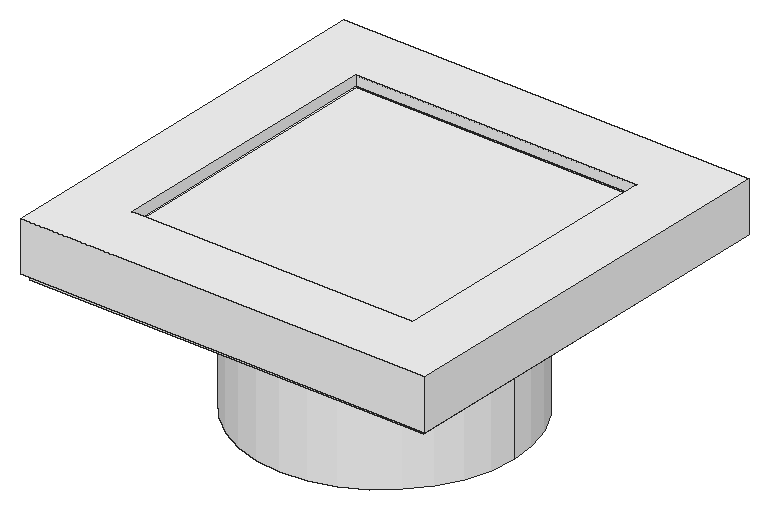
Revit family "Gira_0296005", category Electrical Fixtures, host Face, Revit 2017
Family settings
  Host = Face
  Maintain Annotation Orientation = Yes
  Round Connector Dimension = Use Diameter
  Part Type = Normal
  Cut with Voids When Loaded = No
  Shared = No
  Room Calculation Point = No
Parameters (values of type "Wippe System 55 Schwarz m")
  White [instance] = White
  Werkstoffgüte = "Thermoplast"
  Werkstoff = "Kunststoff"
  Verwendung = "Schalter/Taster"
  URL = "http://katalog.gira.de/de_DE/datenblatt.html?artikelnr=0296005"
  Region = "DE"
  Oberfläche = "sonstige"
  Name = "Wippe System 55 Schwarz m"
  Model = "Sys55_Komplettgerät_Schalten und Tasten"
  Mit austauschbarer Linse/Symbol = "No"
  Mit Beschriftungsfeld = "No"
  Manufacturer URL = "https://www.gira.de/"
  Kontrollfenster/Lichtauslass = "No"
  HeinzeBIM = "https://bimportal.heinze.de/bim/wippe-system-55-schwarz-m/5ca29e2e3103fb69b1d694036a8784c1c76f462b"
  Halogenfrei = "Yes"
  HAN = "0296005"
  Geeignet für Schutzart (IP) = "IP20"
  Geeignet für Bussystem-Tasterankopplung = "Yes"
  GTIN = "4010337038061"
  Farbe = "schwarz"
  Default Elevation = 1219.2 mm
  Data sheet (1) = "https://katalog.gira.de/de_DE/download.html?artikelnr=0296005"
  Category = "Abdeckung/Bedienelement für Installationsschalterprogramme"
  Befestigungsart = "Klemmbefestigung"
  Available = "Yes"
  Ausführung der Oberfläche = "matt"
  Ausführung = "einteilige Wippe"
  Aufdruck/Kennzeichnung = "ohne Aufdruck"
  Abtastbares Symbol/barrierefrei = "No"
Reference planes
  plane 1 "Center (Front/Back)": y = 0
  plane 2: z = 0
  plane 3 "Center (Left/Right)": x = 0
Forms (mm)
  Extrusion 1, solid, material "White" <- "White", detail levels medium
    sketch origin (0, 0, 0) x (1, 0, 0) y (0, 1, 0)
      loop
        line (-40.4, 40.4) -> (-40.4, -40.4) -> (40.4, -40.4) -> (40.4, 40.4) -> (-40.4, 40.4)
      loop
        line (-28, 28) -> (-28, -28) -> (28, -28) -> (28, 28) -> (-28, 28)
    from 0 to 10
  Extrusion 2, solid, material "White" <- "White", detail levels fine
    sketch origin (0, 0, 0) x (1, 0, 0) y (0, 1, 0)
      loop
        line (-40.4, 40.4) -> (-40.4, -40.4) -> (40.4, -40.4) -> (40.4, 40.4) -> (-40.4, 40.4)
      loop
        line (-28, 28) -> (-28, -28) -> (28, -28) -> (28, 28) -> (-28, 28)
    from 0 to 10
  Extrusion 3, void
    sketch origin (0, 0, 0) x (1, 0, 0) y (0, 1, 0)
      loop
        line (-38.4, 38.4) -> (-38.4, -38.4) -> (38.4, -38.4) -> (38.4, 38.4) -> (-38.4, 38.4)
    from 0 to 8
  Extrusion 4, solid, material "White" <- "White", detail levels medium+fine
    sketch origin (0, 0, 0) x (1, 0, 0) y (0, 1, 0)
      loop
        line (-39.4, 39.4) -> (-39.4, -39.4) -> (39.4, -39.4) -> (39.4, 39.4) -> (-39.4, 39.4)
    from 0 to -1
  Extrusion 5, solid, material "White" <- "White", detail levels medium+fine
    sketch origin (0, 0, 0) x (1, 0, 0) y (0, 1, 0)
      loop
        line (-35.5, 35.5) -> (-35.5, -35.5) -> (35.5, -35.5) -> (35.5, 35.5) -> (-35.5, 35.5)
    from -2 to -3
  Extrusion 6, solid, material "White" <- "White", detail levels medium+fine
    sketch origin (0, 0, 0) x (1, 0, 0) y (0, 1, 0)
      loop
        circle (0, 0) r 26
    from 0 to -27.5
  Extrusion 7, solid, material "White" <- "White", detail levels coarse
    sketch origin (0, 0, 0) x (1, 0, 0) y (0, 1, 0)
      loop
        line (-40.4, 40.4) -> (-40.4, -40.4) -> (40.4, -40.4) -> (40.4, 40.4) -> (-40.4, 40.4)
    from -27.5 to 10
Cuts and joins
  Extrusion 3 cuts Extrusion 2
Dimensions and locks
  aligned and locked: plane 2 to host face
  aligned and locked: level to host face
  aligned and locked: plane 3 "Center (Left/Right)" to nested 2
  aligned and locked: plane 1 "Center (Front/Back)" to nested 2
Nested families
  nested 1: "Sys55_Abdeckung_Schalten und Tasten_floor_base" at (0, 0, 0), type "Sys55_Abdeckung_Schalten und Tasten_floor_base"
  nested 2: "Schalter" at (0, 0, 0), type "Schalter"
Connectors
  electrical at (0, 0, -27.5)
    settings: on Extrusion 6, index 1, voltage 220 V, apparent load 0 VA, apparent load phase1 0 VA, apparent load phase2 0 VA, apparent load phase3 0 VA, power factor 1, load classification "Other", number of poles 1, system type 30, power factor state 1, is connector primary yes, connector utility no, sub classification motor no, connector description ""
Definition of nested family "Sys55_Abdeckung_Schalten und Tasten_floor_base"
  Parameters
    Default Elevation = 1219.2 mm
    White [instance] = none
  Reference planes
    plane 1 "Center (Front/Back)": y = 0
    plane 2: z = 0
    plane 3 "Center (Left/Right)": x = 0
  Forms (mm)
    Extrusion 1, solid
      sketch origin (0, 0, 0) x (1, 0, 0) y (0, 1, 0)
        loop
          line (-1219.2, 1219.2) -> (-1219.2, -1219.2) -> (1219.2, -1219.2) -> (1219.2, 1219.2) -> (-1219.2, 1219.2)
      from 0 to -304.8
    Extrusion 2, solid, material <- "White", detail levels fine
      sketch origin (0, 0, 0) x (1, 0, 0) y (0, 1, 0)
        loop
          line (-27.5, 27.5) -> (-27.5, -27.5) -> (27.5, -27.5) -> (27.5, 27.5) -> (-27.5, 27.5)
      from 0 to 8
    Extrusion 3, void
      sketch origin (0, 0, 0) x (1, 0, 0) y (0, 1, 0)
        loop
          line (26, 26) -> (-26, 26) -> (-26, -26) -> (26, -26) -> (26, 26)
      from 0 to 6
    Extrusion 4, solid, material <- "White", detail levels medium
      sketch origin (0, 0, 0) x (1, 0, 0) y (0, 1, 0)
        loop
          line (-27.5, 27.5) -> (-27.5, -27.5) -> (27.5, -27.5) -> (27.5, 27.5) -> (-27.5, 27.5)
      from 0 to 8
    Extrusion 5, solid, material <- "White", detail levels medium
      sketch origin (0, 0, 0) x (1, 0, 0) y (0, 1, 0)
        loop
          line (11, -17.5) -> (11, 17.5) -> (-11, 17.5) -> (-11, -17.5) -> (11, -17.5)
      from -6 to 6
    Extrusion 6, solid, material <- "White", detail levels fine
      sketch origin (0, 0, 0) x (1, 0, 0) y (0, 1, 0)
        loop
          line (11, 17.5) -> (-11, 17.5) -> (-11, 16.5) -> (11, 16.5) -> (11, 17.5)
        loop
          line (-11, -16.5) -> (-11, -17.5) -> (11, -17.5) -> (11, -16.5) -> (-11, -16.5)
      from -4 to 6
    Extrusion 7, solid, material <- "White", detail levels fine
      sketch origin (0, 0, 0) x (1, 0, 0) y (0, 1, 0)
        loop
          arc (5, 9.347) -> (0, 10.6) -> (-5, 9.347) r 10.6
          line (-5, 9.347) -> (-5, -9.347)
          arc (-5, -9.347) -> (0, -10.6) -> (5, -9.347) r 10.6
          line (5, -9.347) -> (5, 9.347)
      from -6 to 6
    Extrusion 8, solid, material <- "White", detail levels coarse
      sketch origin (0, 0, 0) x (1, 0, 0) y (0, 1, 0)
        loop
          line (-27.5, 27.5) -> (-27.5, -27.5) -> (27.5, -27.5) -> (27.5, 27.5) -> (-27.5, 27.5)
      from -6 to 8
  Cuts and joins
    Extrusion 3 cuts Extrusion 2
  Dimensions and locks
    aligned and locked: plane 2 to Extrusion 1
    aligned and locked: level to Extrusion 1
Definition of nested family "Schalter"
  Reference planes
    plane 1: y = 0
    plane 2: x = 0
  Lines and regions (mm)
    detail lines
      curve 1: circle (1.375, 2.778, 0) r 0.8 normal (0, 0, 1)
      curve 2: line (1.021, 2.061, 0) -> (0, 0, 0)
      curve 3: line (0, 0, 0) -> (-0.538, 0.266, 0)
  Dimensions and locks
    curve 2 to curve 2 = 2.3 mm
    curve 3 to curve 2 = 0.6 mm
    radius of curve 1 = 0.8 mm
